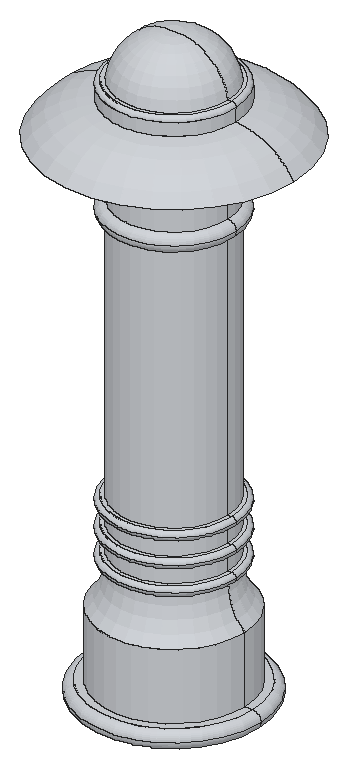
Revit family
Parameters (values of type "SBS-012.5")
  Width = 1' - 2"
  URL = "www.strombergarchitectural.com"
  Top Material = GFRC
  Submittal Sheet = "www.strombergarchitectural.com/images/materials/gfrc/submittal/gfrc-submittal-sheet.pdf"
  Specifications = "www.strombergarchitectural.com/gfrcspecifications"
  Model Cut-sheet = "www.strombergarchitectural.com/products/bollards/design/SBS-012"
  Model = "SBS-012"
  Manufacturer = "Stromberg Architectural Products"
  Guidebook = "www.strombergarchitectural.com/images/materials/gfrc/handbooks/gfrc_guidebook.pdf"
  Frame Material = none
  Description = "GFRC Bollard"
  Assembly Code = ""
  Height = 4' - 0"
  XXX.5 = yes
  XXX.4 = no
  XXX.3 = no
  XXX.2 = no
  XXX.1 = no
Types (6): name | Width | Guidebook | Height | XXX.5 | XXX.4 | XXX.3 | XXX.2 | XXX.1
  (no name) | 1' - 2" | "www.strombergarchitectural.com/images/materials/gfrc/handbooks/gfrc_guidebook.pdf" | 4' - 0" | yes | no | no | no | no
  SBS-012.3 | 0' - 10" | "www.strombergarchitectural.com/images/materials/gfrc/handbooks/gfrc_guidebook.pdf" | 3' - 0" | no | no | yes | no | no
  SBS-012.1 | 0' - 7" | "www.strombergarchitectural.com/images/materials/gfrc/handbooks/gfrc_guidebook.pdf   \r\n(http://www.strombergarchitectural.com/images/materials/gfrc/handbooks/gfrc_guidebook.pdf" | 2' - 0" | no | no | no | no | yes
  SBS-012.2 | 0' - 9" | "www.strombergarchitectural.com/images/materials/gfrc/handbooks/gfrc_guidebook.pdf" | 2' - 6" | no | no | no | yes | no
  SBS-012.4 | 1' - 0" | "www.strombergarchitectural.com/images/materials/gfrc/handbooks/gfrc_guidebook.pdf" | 3' - 6" | no | yes | no | no | no
  SBS-012.5 | 1' - 2" | "www.strombergarchitectural.com/images/materials/gfrc/handbooks/gfrc_guidebook.pdf" | 4' - 0" | yes | no | no | no | no
Reference planes (in)
  plane 1 "Center (Front/Back)": y = 3.74847
  plane 2: z = 0
  plane 3 "Center (Left/Right)": x = 0.7278
Forms (in)
  Revolve 1, solid, visible <- "XXX.1"
    sketch origin (0, 3.74847, 0) x (1, 0, 0) y (0, 0, 1)
      loop
        line (-1.43887, 22.29333) -> (-1.60553, 22.29333)
        arc (-1.60553, 22.29333) -> (-1.72338, 22.24452) -> (-1.7722, 22.12667) r 0.16667
        line (-1.7722, 22.12667) -> (-1.7722, 21.62667)
        arc (-1.7722, 21.62667) -> (-3.08928, 21.22322) -> (-4.10553, 20.29333) r 3.12946
        arc (-4.10553, 20.29333) -> (-2.5862, 19.99866) -> (-1.43887, 18.96) r 2.87952
        line (-1.43887, 18.96) -> (-1.43887, 18)
        arc (-1.43887, 18) -> (-1.67457, 17.90237) -> (-1.7722, 17.66667) r 0.33333
        arc (-1.7722, 17.66667) -> (-1.67457, 17.43096) -> (-1.43887, 17.33333) r 0.33333
        line (-1.43887, 17.33333) -> (-1.43887, 7.33333) -> (-1.60553, 7.33333)
        arc (-1.60553, 7.33333) -> (-1.72338, 7.28452) -> (-1.7722, 7.16667) r 0.16667
        arc (-1.7722, 7.16667) -> (-1.72338, 7.04882) -> (-1.60553, 7) r 0.16667
        line (-1.60553, 7) -> (-1.43887, 7) -> (-1.43887, 6.33333) -> (-1.60553, 6.33333)
        arc (-1.60553, 6.33333) -> (-1.72338, 6.28452) -> (-1.7722, 6.16667) r 0.16667
        arc (-1.7722, 6.16667) -> (-1.72338, 6.04882) -> (-1.60553, 6) r 0.16667
        line (-1.60553, 6) -> (-1.43887, 6) -> (-1.43887, 5.33333) -> (-1.60553, 5.33333)
        arc (-1.60553, 5.33333) -> (-1.72338, 5.28452) -> (-1.7722, 5.16667) r 0.16667
        arc (-1.7722, 5.16667) -> (-1.72338, 5.04882) -> (-1.60553, 5) r 0.16667
        line (-1.60553, 5) -> (-1.43887, 5)
        arc (-1.43887, 5) -> (-1.60379, 4.0962) -> (-2.11572, 3.33333) r 2.25355
        line (-2.11572, 3.33333) -> (-2.11572, 0.66667) -> (-2.43887, 0.66667)
        arc (-2.43887, 0.66667) -> (-2.67457, 0.56904) -> (-2.7722, 0.33333) r 0.33333
        arc (-2.7722, 0.33333) -> (-2.67457, 0.09763) -> (-2.43887, 0) r 0.33333
        line (-2.43887, 0) -> (0.7278, 0) -> (0.7278, 24)
        arc (0.7278, 24) -> (-0.69668, 23.57977) -> (-1.43887, 22.29333) r 2.0004
      axis (0.7278, 24) -> (0.7278, 0)
    angle from 0 to 360
  Revolve 2, solid, visible <- "XXX.2"
    sketch origin (-36.5, 3.74847, 0) x (1, 0, 0) y (0, 0, 1)
      loop
        line (34.42645, 27.86667) -> (34.21811, 27.86667)
        arc (34.21811, 27.86667) -> (34.0708, 27.80565) -> (34.00978, 27.65833) r 0.20833
        line (34.00978, 27.65833) -> (34.00978, 27.03333)
        arc (34.00978, 27.03333) -> (32.36343, 26.52902) -> (31.09311, 25.36667) r 3.91183
        arc (31.09311, 25.36667) -> (32.99228, 24.99833) -> (34.42645, 23.7) r 3.5994
        line (34.42645, 23.7) -> (34.42645, 22.5)
        arc (34.42645, 22.5) -> (34.13182, 22.37796) -> (34.00978, 22.08333) r 0.41667
        arc (34.00978, 22.08333) -> (34.13182, 21.78871) -> (34.42645, 21.66667) r 0.41667
        line (34.42645, 21.66667) -> (34.42645, 9.16667) -> (34.21811, 9.16667)
        arc (34.21811, 9.16667) -> (34.0708, 9.10565) -> (34.00978, 8.95833) r 0.20833
        arc (34.00978, 8.95833) -> (34.0708, 8.81102) -> (34.21811, 8.75) r 0.20833
        line (34.21811, 8.75) -> (34.42645, 8.75) -> (34.42645, 7.91667) -> (34.21811, 7.91667)
        arc (34.21811, 7.91667) -> (34.0708, 7.85565) -> (34.00978, 7.70833) r 0.20833
        arc (34.00978, 7.70833) -> (34.0708, 7.56102) -> (34.21811, 7.5) r 0.20833
        line (34.21811, 7.5) -> (34.42645, 7.5) -> (34.42645, 6.66667) -> (34.21811, 6.66667)
        arc (34.21811, 6.66667) -> (34.0708, 6.60565) -> (34.00978, 6.45833) r 0.20833
        arc (34.00978, 6.45833) -> (34.0708, 6.31102) -> (34.21811, 6.25) r 0.20833
        line (34.21811, 6.25) -> (34.42645, 6.25)
        arc (34.42645, 6.25) -> (34.22029, 5.12025) -> (33.58037, 4.16667) r 2.81694
        line (33.58037, 4.16667) -> (33.58037, 0.83333) -> (33.17645, 0.83333)
        arc (33.17645, 0.83333) -> (32.88182, 0.71129) -> (32.75978, 0.41667) r 0.41667
        arc (32.75978, 0.41667) -> (32.88182, 0.12204) -> (33.17645, 0) r 0.41667
        line (33.17645, 0) -> (37.25978, 0) -> (37.25978, 30)
        arc (37.25978, 30) -> (35.42858, 29.48388) -> (34.42645, 27.86667) r 2.62615
      axis (37.25978, 30) -> (37.25978, 0)
    angle from 0 to 360
  Revolve 3, solid, visible <- "XXX.3"
    sketch origin (-72.69864, 3.74847, 0) x (1, 0, 0) y (0, 0, 1)
      loop
        line (70.42644, 33.44) -> (70.17644, 33.44)
        arc (70.17644, 33.44) -> (69.99966, 33.36678) -> (69.92644, 33.19) r 0.25
        line (69.92644, 33.19) -> (69.92644, 32.44)
        arc (69.92644, 32.44) -> (67.95082, 31.83483) -> (66.42644, 30.44) r 4.69419
        arc (66.42644, 30.44) -> (68.70543, 29.99799) -> (70.42644, 28.44) r 4.31928
        line (70.42644, 28.44) -> (70.42644, 27)
        arc (70.42644, 27) -> (70.07289, 26.85355) -> (69.92644, 26.5) r 0.5
        arc (69.92644, 26.5) -> (70.07289, 26.14645) -> (70.42644, 26) r 0.5
        line (70.42644, 26) -> (70.42644, 11) -> (70.17644, 11)
        arc (70.17644, 11) -> (69.99966, 10.92678) -> (69.92644, 10.75) r 0.25
        arc (69.92644, 10.75) -> (69.99966, 10.57322) -> (70.17644, 10.5) r 0.25
        line (70.17644, 10.5) -> (70.42644, 10.5) -> (70.42644, 9.5) -> (70.17644, 9.5)
        arc (70.17644, 9.5) -> (69.99966, 9.42678) -> (69.92644, 9.25) r 0.25
        arc (69.92644, 9.25) -> (69.99966, 9.07322) -> (70.17644, 9) r 0.25
        line (70.17644, 9) -> (70.42644, 9) -> (70.42644, 8) -> (70.17644, 8)
        arc (70.17644, 8) -> (69.99966, 7.92678) -> (69.92644, 7.75) r 0.25
        arc (69.92644, 7.75) -> (69.99966, 7.57322) -> (70.17644, 7.5) r 0.25
        line (70.17644, 7.5) -> (70.42644, 7.5)
        arc (70.42644, 7.5) -> (70.17906, 6.1443) -> (69.41115, 5) r 3.38033
        line (69.41115, 5) -> (69.41115, 1) -> (68.92644, 1)
        arc (68.92644, 1) -> (68.57289, 0.85355) -> (68.42644, 0.5) r 0.5
        arc (68.42644, 0.5) -> (68.57289, 0.14645) -> (68.92644, 0) r 0.5
        line (68.92644, 0) -> (73.42644, 0) -> (73.42644, 36)
        arc (73.42644, 36) -> (71.38962, 35.34908) -> (70.42644, 33.44) r 2.76443
      axis (73.42644, 36) -> (73.42644, 0)
    angle from 0 to 360
  Revolve 4, solid, visible <- "XXX.4"
    sketch origin (-107.40402, 3.74847, 0) x (1, 0, 0) y (0, 0, 1)
      loop
        line (104.46515, 39.01333) -> (104.17349, 39.01333)
        arc (104.17349, 39.01333) -> (103.96725, 38.92791) -> (103.88182, 38.72167) r 0.29167
        line (103.88182, 38.72167) -> (103.88182, 37.84667)
        arc (103.88182, 37.84667) -> (101.57693, 37.14063) -> (99.79849, 35.51333) r 5.47656
        arc (99.79849, 35.51333) -> (102.45731, 34.99766) -> (104.46515, 33.18) r 5.03916
        line (104.46515, 33.18) -> (104.46515, 31.5)
        arc (104.46515, 31.5) -> (104.05267, 31.32915) -> (103.88182, 30.91667) r 0.58333
        arc (103.88182, 30.91667) -> (104.05267, 30.50419) -> (104.46515, 30.33333) r 0.58333
        line (104.46515, 30.33333) -> (104.46515, 12.83333) -> (104.17349, 12.83333)
        arc (104.17349, 12.83333) -> (103.96725, 12.74791) -> (103.88182, 12.54167) r 0.29167
        arc (103.88182, 12.54167) -> (103.96725, 12.33543) -> (104.17349, 12.25) r 0.29167
        line (104.17349, 12.25) -> (104.46515, 12.25) -> (104.46515, 11.08333) -> (104.17349, 11.08333)
        arc (104.17349, 11.08333) -> (103.96725, 10.99791) -> (103.88182, 10.79167) r 0.29167
        arc (103.88182, 10.79167) -> (103.96725, 10.58543) -> (104.17349, 10.5) r 0.29167
        line (104.17349, 10.5) -> (104.46515, 10.5) -> (104.46515, 9.33333) -> (104.17349, 9.33333)
        arc (104.17349, 9.33333) -> (103.96725, 9.24791) -> (103.88182, 9.04167) r 0.29167
        arc (103.88182, 9.04167) -> (103.96725, 8.83543) -> (104.17349, 8.75) r 0.29167
        line (104.17349, 8.75) -> (104.46515, 8.75)
        arc (104.46515, 8.75) -> (104.17654, 7.16835) -> (103.28065, 5.83333) r 3.94372
        line (103.28065, 5.83333) -> (103.28065, 1.16667) -> (102.71515, 1.16667)
        arc (102.71515, 1.16667) -> (102.30267, 0.99581) -> (102.13182, 0.58333) r 0.58333
        arc (102.13182, 0.58333) -> (102.30267, 0.17085) -> (102.71515, 0) r 0.58333
        line (102.71515, 0) -> (108.13182, 0) -> (108.13182, 42)
        arc (108.13182, 42) -> (105.68916, 41.25473) -> (104.46515, 39.01333) r 3.37992
      axis (108.13182, 42) -> (108.13182, 0)
    angle from 0 to 360
  Revolve 5, solid, visible <- "XXX.5"
    sketch origin (-138.82152, 3.74847, 0) x (1, 0, 0) y (0, 0, 1)
      loop
        line (135.21599, 44.58667) -> (134.88265, 44.58667)
        arc (134.88265, 44.58667) -> (134.64695, 44.48904) -> (134.54932, 44.25333) r 0.33333
        line (134.54932, 44.25333) -> (134.54932, 43.25333)
        arc (134.54932, 43.25333) -> (131.91517, 42.44644) -> (129.88265, 40.58667) r 6.25892
        arc (129.88265, 40.58667) -> (132.92131, 39.99732) -> (135.21599, 37.92) r 5.75904
        line (135.21599, 37.92) -> (135.21599, 36)
        arc (135.21599, 36) -> (134.74458, 35.80474) -> (134.54932, 35.33333) r 0.66667
        arc (134.54932, 35.33333) -> (134.74458, 34.86193) -> (135.21599, 34.66667) r 0.66667
        line (135.21599, 34.66667) -> (135.21599, 14.66667) -> (134.88265, 14.66667)
        arc (134.88265, 14.66667) -> (134.64695, 14.56904) -> (134.54932, 14.33333) r 0.33333
        arc (134.54932, 14.33333) -> (134.64695, 14.09763) -> (134.88265, 14) r 0.33333
        line (134.88265, 14) -> (135.21599, 14) -> (135.21599, 12.66667) -> (134.88265, 12.66667)
        arc (134.88265, 12.66667) -> (134.64695, 12.56904) -> (134.54932, 12.33333) r 0.33333
        arc (134.54932, 12.33333) -> (134.64695, 12.09763) -> (134.88265, 12) r 0.33333
        line (134.88265, 12) -> (135.21599, 12) -> (135.21599, 10.66667) -> (134.88265, 10.66667)
        arc (134.88265, 10.66667) -> (134.64695, 10.56904) -> (134.54932, 10.33333) r 0.33333
        arc (134.54932, 10.33333) -> (134.64695, 10.09763) -> (134.88265, 10) r 0.33333
        line (134.88265, 10) -> (135.21599, 10)
        arc (135.21599, 10) -> (134.88615, 8.1924) -> (133.86227, 6.66667) r 4.50711
        line (133.86227, 6.66667) -> (133.86227, 1.33333) -> (133.21599, 1.33333)
        arc (133.21599, 1.33333) -> (132.74458, 1.13807) -> (132.54932, 0.66667) r 0.66667
        arc (132.54932, 0.66667) -> (132.74458, 0.19526) -> (133.21599, 0) r 0.66667
        line (133.21599, 0) -> (139.54932, 0) -> (139.54932, 48)
        arc (139.54932, 48) -> (136.70035, 47.15954) -> (135.21599, 44.58667) r 4.00081
      axis (139.54932, 48) -> (139.54932, 0)
    angle from 0 to 360
